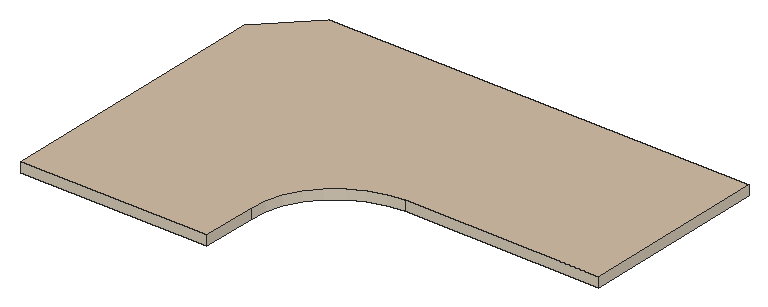
Revit family "89ff91c9ba4f411cbfc27a4f2ecfc054", category Furniture Systems, Revit 2021
Family settings
  Round Connector Dimension = Use Diameter
  Part Type = Normal
  OmniClass Number = 23.40.70.14.64.21
  OmniClass Title = Systems Furniture
  Work Plane-Based = No
  Always vertical = Yes
  Cut with Voids When Loaded = No
  Shared = No
  Room Calculation Point = No
Parameters (values of type "60" x 42" x 24"")
  Work Surface Material [instance] = Plastic Laminate - White Oak
  Type Comments = "60\" x 42\" x 24\" L with Square End Corner Angled Work Surface"
  Thickness = 1 1/4"
  Width = 42"
  Model = ""
  Manufacturer = ""
  Length = 60"
  Height = 30"
  Edge Material [instance] = Plastic Laminate - Beige - Light - Smooth
  Description = ""
  Depth = 24"
  Default Elevation = 0"
Reference planes (in)
  plane 1 "Center F/B": y = 0
  plane 2: z = 0
  plane 3 "Center L/R": x = 0
  plane 4: y = -24
  plane 5 "Right": x = 60
  plane 6 "Top": z = 30
  plane 7 "Bottom": z = 28.75
  plane 8: x = 24
  plane 9 "Front": y = -42
  plane 10: y = -35
  plane 11: x = 35
  plane 12: x = 6
  plane 13: y = -6
Forms (in)
  Extrusion 1, solid, material "Plastic Laminate - White Oak" <- "Work Surface Material"
    sketch origin (0, 0, 0) x (1, 0, 0) y (0, 1, 0)
      loop
        line (6, 0) -> (0, -6) -> (0, -42) -> (24, -42) -> (24, -35)
        arc (24, -35) -> (27.22183, -27.22183) -> (35, -24) r 11
        line (35, -24) -> (60, -24) -> (60, 0) -> (6, 0)
    from 28.75 to 30
Lines and regions (in)
  Masking region 1
    outline origin (0, 0, 0) x (1, 0, 0) y (0, 1, 0)
      loop
        line (6, 0) -> (0, -6) -> (0, -42) -> (24, -42) -> (24, -35)
        arc (24, -35) -> (27.22183, -27.22183) -> (35, -24) r 11
        line (35, -24) -> (60, -24) -> (60, 0) -> (6, 0)
Dimensions and locks (in)
  "Length": plane 3 "Center L/R" to plane 5 "Right"
  "Depth": plane 4 to plane 1 "Center F/B"
  "Thickness": plane 6 "Top" to plane 7 "Bottom"
  "Width": plane 9 "Front" to plane 1 "Center F/B"
  "Depth": plane 3 "Center L/R" to plane 8
  locked: plane 8 to plane 11 at 11
  locked: plane 4 to plane 10 at 11
  "Height": plane 6 "Top" to plane 2
  radius of Extrusion 1 sketch curve = 11"
  aligned and locked: plane 1 "Center F/B" to Extrusion 1 sketch curve
  aligned and locked: plane 4 to Extrusion 1 sketch curve
  aligned and locked: plane 3 "Center L/R" to Extrusion 1 sketch curve  (x2)
  aligned and locked: level to plane 2
  aligned and locked: plane 6 "Top" to Extrusion 1
  aligned and locked: plane 7 "Bottom" to Extrusion 1
  aligned and locked: plane 3 "Center L/R" to Masking region 1 sketch curve  (x2)
  aligned and locked: plane 4 to Masking region 1 sketch curve
  aligned and locked: plane 8 to Extrusion 1 sketch curve
  aligned and locked: Extrusion 1 sketch curve to plane 9 "Front"
  aligned and locked: Extrusion 1 sketch curve to plane 11
  aligned and locked: plane 10 to Extrusion 1 sketch curve  (x2)
  aligned and locked: plane 11 to Extrusion 1 sketch curve
  aligned and locked: Masking region 1 sketch curve to plane 9 "Front"
  aligned and locked: plane 8 to Masking region 1 sketch curve
  aligned and locked: plane 10 to Masking region 1 sketch curve
  aligned and locked: Masking region 1 sketch curve to plane 11
  aligned and locked: Masking region 1 sketch curve to Extrusion 1
  aligned and locked: plane 5 "Right" to Masking region 1 sketch curve
  aligned and locked: Extrusion 1 sketch curve to plane 5 "Right"
  aligned and locked: plane 13 to Masking region 1 sketch curve
  aligned and locked: plane 1 "Center F/B" to Masking region 1 sketch curve
  aligned and locked: plane 12 to Masking region 1 sketch curve
  aligned and locked: plane 13 to Extrusion 1 sketch curve
  aligned and locked: plane 12 to Extrusion 1 sketch curve
